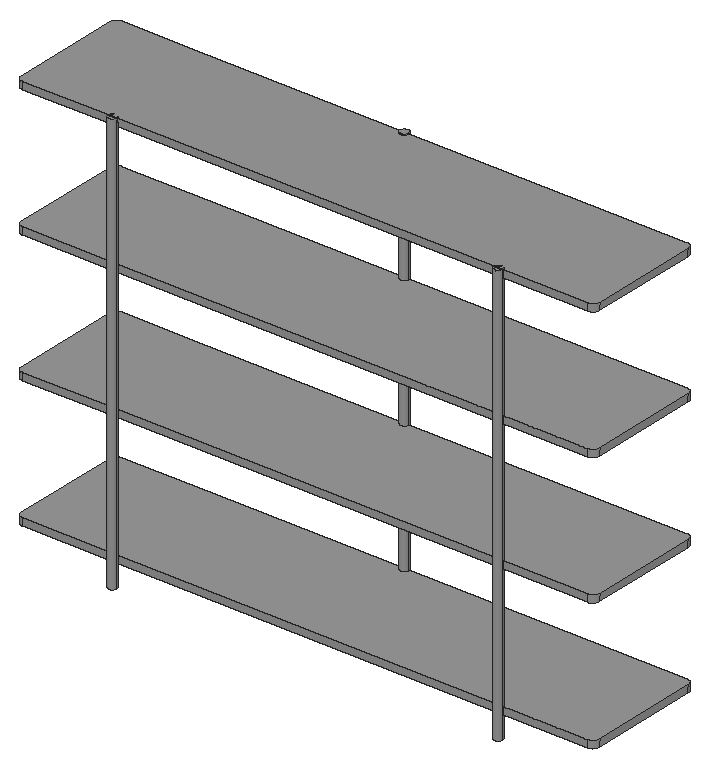
Revit family "Aero110 3-LivingDivani", category Furniture, Revit 2014
Parameters (values of type "Libreria")
  URL = "http://www.livingdivani.it"
  Model = "Aero"
  Mat. Struttura = Zinc
  Manufacturer = "LivingDivani"
  Codice prodotto = ""
Reference planes (cm)
  plane 1 "Centro (Fronte/Retro)": y = 0
  plane 2: z = 0
  plane 3 "Centro (Sinistra/Destra)": x = 0
Forms (cm)
  Extrusion 1, solid, material "Zinc" <- "Mat. Struttura"
    sketch origin (0, 0, 6) x (1, 0, 0) y (0, 1, 0)
      loop
        arc (-73.2, 16) -> (-74.4728, 15.4728) -> (-75, 14.2) r 1.8
        line (-75, 14.2) -> (-75, -14.2)
        arc (-75, -14.2) -> (-74.4728, -15.4728) -> (-73.2, -16) r 1.8
        line (-73.2, -16) -> (-51.1089, -16) -> (73.2, -16)
        arc (73.2, -16) -> (74.4728, -15.4728) -> (75, -14.2) r 1.8
        line (75, -14.2) -> (75, 14.2)
        arc (75, 14.2) -> (74.4728, 15.4728) -> (73.2, 16) r 1.8
        line (73.2, 16) -> (-51.1089, 16) -> (-73.2, 16)
    from 0 to 1.8
  Extrusion 2, solid, material "Zinc" <- "Mat. Struttura"
    sketch origin (0, 0, 39.8) x (1, 0, 0) y (0, 1, 0)
      loop
        arc (-73.2, 16) -> (-74.4728, 15.4728) -> (-75, 14.2) r 1.8
        line (-75, 14.2) -> (-75, -14.2)
        arc (-75, -14.2) -> (-74.4728, -15.4728) -> (-73.2, -16) r 1.8
        line (-73.2, -16) -> (-51.1089, -16) -> (73.2, -16)
        arc (73.2, -16) -> (74.4728, -15.4728) -> (75, -14.2) r 1.8
        line (75, -14.2) -> (75, 14.2)
        arc (75, 14.2) -> (74.4728, 15.4728) -> (73.2, 16) r 1.8
        line (73.2, 16) -> (-51.1089, 16) -> (-73.2, 16)
    from 0 to 1.8
  Extrusion 3, solid, material "Zinc" <- "Mat. Struttura"
    sketch origin (0, 0, 73.6) x (1, 0, 0) y (0, 1, 0)
      loop
        arc (-73.2, 16) -> (-74.4728, 15.4728) -> (-75, 14.2) r 1.8
        line (-75, 14.2) -> (-75, -14.2)
        arc (-75, -14.2) -> (-74.4728, -15.4728) -> (-73.2, -16) r 1.8
        line (-73.2, -16) -> (-51.1089, -16) -> (73.2, -16)
        arc (73.2, -16) -> (74.4728, -15.4728) -> (75, -14.2) r 1.8
        line (75, -14.2) -> (75, 14.2)
        arc (75, 14.2) -> (74.4728, 15.4728) -> (73.2, 16) r 1.8
        line (73.2, 16) -> (-51.1089, 16) -> (-73.2, 16)
    from 0 to 1.8
  Extrusion 4, solid, material "Zinc" <- "Mat. Struttura"
    sketch origin (0, 0, 107.4) x (1, 0, 0) y (0, 1, 0)
      loop
        arc (-73.2, 16) -> (-74.4728, 15.4728) -> (-75, 14.2) r 1.8
        line (-75, 14.2) -> (-75, -14.2)
        arc (-75, -14.2) -> (-74.4728, -15.4728) -> (-73.2, -16) r 1.8
        line (-73.2, -16) -> (-51.1089, -16) -> (73.2, -16)
        arc (73.2, -16) -> (74.4728, -15.4728) -> (75, -14.2) r 1.8
        line (75, -14.2) -> (75, 14.2)
        arc (75, 14.2) -> (74.4728, 15.4728) -> (73.2, 16) r 1.8
        line (73.2, 16) -> (-51.1089, 16) -> (-73.2, 16)
    from 0 to 1.8
  Extrusion 5, solid, material "Zinc" <- "Mat. Struttura"
    sketch origin (100, 0, 0) x (1, 0, 0) y (0, 1, 0)
      loop
        circle (-100, 16) r 1.1
    from 0 to 109.2
  Extrusion 6, solid, material "Zinc" <- "Mat. Struttura"
    sketch origin (0, 0, 0) x (1, 0, 0) y (0, 1, 0)
      loop
        circle (-50, -16) r 1.1
    from 0 to 109.2
  Extrusion 7, solid, material "Zinc" <- "Mat. Struttura"
    sketch origin (0, 0, 0) x (-1, 0, 0) y (0, -1, 0)
      loop
        circle (-50, 16) r 1.1
    from 0 to 109.2
Dimensions and locks (cm)
  aligned and locked: level to plane 2
